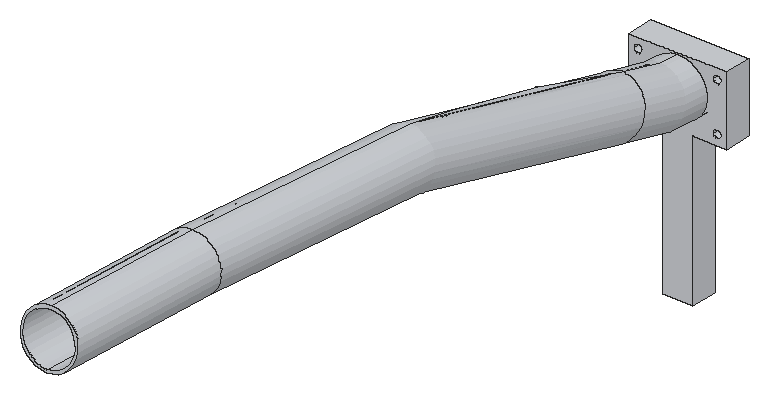
Revit family "Lighting-StreetLighting-GEWISS-STREET[O3]-LONG_BRACKET", category Apparecchi per illuminazione, Revit 2019
Family settings
  Quota connettore circolare = Usa diametro
  Tipo di parte = Normale
  Numero OmniClass = 23.80.00.00
  Titolo OmniClass = Electric Power and Lighting
  Basato su piano di lavoro = Sì
  Sempre verticale = Sì
  Taglio con vuoti quando caricato = No
  Sorgente d'illuminazione = No
  Condiviso = No
  Punto di calcolo locali = No
Parameters (values of type "GW87586 - Galvanised steel - Grey - 1m")
  Weight (kg): = "6"
  Weight (kg) = "6"
  Version file RFA = "20.11"
  URL = "https://www.gewiss.com/ww/en"
  Tubolare = none
  Technical sheet = "https://www.gewiss.com/ww/en/search?q=GW87586"
  Supporti = none
  SIMBOLO [instance] = yes
  SEO = "Bracket"
  Realized by GEWISS S.p.A. = ""
  Default Elevation = 1219.2 mm
  Produttore = "GEWISS S.p.A."
  Modello = "GW87586"
  Material = "Galvanised steel"
  Length = "1 m"
  L_staffa = 120 mm
  Immagine tipo = GW87586.jpg
  IFC.TypeObject = ""
  IFC.ExportType = ""
  IFC.ExportAs = ""
  IDT = "ddb96704-8151-42be-b6b2-ac9eadc1617f"
  IDF = "f1bd819d-5b9c-4ae6-8cf8-8a42536119bb"
  Electrocod = "240"
  EAN code = "8011564783058"
  Descrizione = "STREET LONG BRACKET 1m GRAPHITE GREY"
  Description: = "Long bracket"
  Colour = "Graphite grey"
  Catalogue Range = "STREET [O3]"
  Catalogue = "LIGHTING"
  COBie.Tagnumber = ""
  COBie.CreatedOn = ""
  COBie.CreatebBy = ""
  COBie.ComponentRegisterItemID = ""
  COBie.Component.TagNumber = ""
  COBie.Component.Space = ""
  COBie.Component.SerialNumber = ""
  COBie.Component.InstallationDate = ""
  COBie.Component.Description = ""
  COBie.Component.BarCode = ""
  BIDIMENSIONALE [instance] = not(SIMBOLO)  # no
  Altezza da terra testa staffa = 821.938 mm
Reference planes
  plane 1 "Centro (Fronte/Retro)": y = 0
  plane 2: z = 0
  plane 3 "Centro (Sinistra/Destra)": x = 0
  plane 4: x = -60
  plane 5: x = 60
  plane 6: y = 33
  plane 7: x = -5
  plane 8: x = 5
  plane 9: x = -18.616
  plane 10: x = 18.616
  plane 11: z = 259.222
  plane 12: z = 199.222
Forms (mm)
  Extrusion 1, solid, material <- "Supporti"
    sketch origin (0, 0, -550.016) x (1, 0, 0) y (0, 0, -1)
      loop
        line (-60, -821.938) -> (60, -821.938) -> (60, -736.538) -> (-60, -736.538) -> (-60, -821.938)
      loop
        circle (-48.625, -809.238) r 4.92
      loop
        circle (48.625, -809.238) r 4.92
      loop
        circle (-48.625, -749.238) r 4.92
      loop
        circle (48.625, -749.238) r 4.92
    from 0 to -33
  Sweep 2, solid, material <- "Tubolare"
    path origin (0, 0, -550.016) x (0, -1, 0) y (0, 0, 1)
      loop
        arc (998.259, 930.303) -> (888.382, 922.193) -> (778.259, 918.773) r 2584.737
        arc (778.259, 918.773) -> (449.437, 888.351) -> (130.083, 804.314) r 2003
        arc (130.083, 804.314) -> (65.992, 787.519) -> (0, 781.616) r 397
    profile origin (0, -449.437, 338.335) x (0, 0.173895, 0.984764) y (1, 0, 0)
      loop
        circle (0, 0) r 35.5
      loop
        circle (0, 0) r 32
  Extrusion 3, solid, material <- "Supporti"
    sketch origin (0, 0, -550.016) x (0, -1, 0) y (0, 0, -1)
      loop
        line (33, -821.938) -> (33, -549.619) -> (0, -549.619) -> (0, -821.938) -> (33, -821.938)
    from -18.616 to 18.616
Cuts and joins
  joined: Extrusion 1, Extrusion 3
Lines and regions (mm)
  Masking region 1, visible <- "BIDIMENSIONALE"
    outline origin (0, -33, 0) x (1, 0, 0) y (0, 1, 0)
      loop
        line (60, 0) -> (60, 33) -> (-60, 33) -> (-60, 0) -> (60, 0)
  Masking region 2, visible <- "BIDIMENSIONALE"
    outline origin (-0.5, 0, 0) x (-1, 0, 0) y (0, -1, 0)
      loop
        spline (35.5, 996.213) -> (35.196, 996.92) -> (34.29, 997.614) -> (32.798, 998.285) -> (30.744, 998.92) -> (28.164, 999.508) -> (25.102, 1000.041) -> (21.611, 1000.507) -> (17.75, 1000.901) -> (13.585, 1001.214) -> (9.188, 1001.442) -> (4.634, 1001.58) -> (0, 1001.626)
        spline (0, 1001.626) -> (-4.634, 1001.58) -> (-9.188, 1001.442) -> (-13.585, 1001.214) -> (-17.75, 1000.901) -> (-21.611, 1000.507) -> (-25.102, 1000.041) -> (-28.164, 999.508) -> (-30.744, 998.92) -> (-32.798, 998.285) -> (-34.29, 997.614) -> (-35.196, 996.92) -> (-35.5, 996.213)
        line (-35.5, 996.213) -> (-35.5, 33) -> (35.5, 33) -> (35.5, 996.213)
  Masking region 3
    outline origin (0, 0, -519.619) x (1, 0, 0) y (0, 0, 1)
      loop
        line (-60, 791.938) -> (-60, 706.538) -> (60, 706.538) -> (60, 791.938) -> (-60, 791.938)
      loop
        circle (-48.625, 779.238) r 4.92
      loop
        circle (48.625, 779.238) r 4.92
      loop
        circle (48.625, 719.238) r 4.92
      loop
        circle (-48.625, 719.238) r 4.92
  Masking region 4
    outline origin (0, 0, -519.619) x (1, 0, 0) y (0, 0, 1)
      loop
        line (-18.616, 519.619) -> (18.616, 519.619) -> (18.616, 706.538) -> (-18.616, 706.538) -> (-18.616, 519.619)
      loop
        line (-35.5, 900.558) -> (-35.5, 751.616)
        spline (-35.5, 751.616) -> (-35.196, 746.982) -> (-34.29, 742.428) -> (-32.798, 738.031) -> (-30.744, 733.866) -> (-28.164, 730.005) -> (-25.102, 726.514) -> (-21.611, 723.453) -> (-17.75, 720.873) -> (-13.585, 718.819) -> (-9.188, 717.326) -> (-4.634, 716.42) -> (0, 716.117)
        spline (0, 716.117) -> (4.634, 716.42) -> (9.188, 717.326) -> (13.585, 718.819) -> (17.75, 720.873) -> (21.611, 723.453) -> (25.102, 726.514) -> (28.164, 730.005) -> (30.744, 733.866) -> (32.798, 738.031) -> (34.29, 742.428) -> (35.196, 746.982) -> (35.5, 751.616)
        line (35.5, 751.616) -> (35.5, 900.558)
        spline (35.5, 900.558) -> (35.196, 905.137) -> (34.29, 909.639) -> (32.798, 913.984) -> (30.744, 918.1) -> (28.164, 921.916) -> (25.102, 925.367) -> (21.611, 928.393) -> (17.75, 930.942) -> (13.585, 932.972) -> (9.188, 934.447) -> (4.634, 935.343) -> (0, 935.643)
        spline (0, 935.643) -> (-4.634, 935.343) -> (-9.188, 934.447) -> (-13.585, 932.972) -> (-17.75, 930.942) -> (-21.611, 928.393) -> (-25.102, 925.367) -> (-28.164, 921.916) -> (-30.744, 918.1) -> (-32.798, 913.984) -> (-34.29, 909.639) -> (-35.196, 905.137) -> (-35.5, 900.558)
  Masking region 5
    outline origin (0, 0, -550.016) x (0, -1, 0) y (0, 0, -1)
      loop
        line (0, -821.938) -> (33, -821.938) -> (33, -817.163)
        arc (33, -817.163) -> (137.999, -844.76) -> (241.886, -876.284) r 2886.698
        arc (241.886, -876.284) -> (462.072, -926.375) -> (686.277, -953.276) r 2166.689
        arc (686.277, -953.276) -> (840.733, -955.766) -> (994.892, -965.659) r 3220.652
        line (994.892, -965.659) -> (1001.626, -894.979)
        arc (1001.626, -894.979) -> (843.825, -884.834) -> (685.718, -882.28) r 3291.651
        arc (685.718, -882.28) -> (591.557, -872.834) -> (497.75, -860.362) r 2938.525
        arc (497.75, -860.362) -> (353.712, -832.991) -> (212.282, -794.341) r 1856.629
        line (212.282, -794.341) -> (213.979, -790.415)
        arc (213.979, -790.415) -> (92.225, -693.998) -> (35, -549.619) r 300
        line (35, -549.619) -> (28, -549.619) -> (28, -736.538) -> (0, -736.538) -> (0, -821.938)
Dimensions and locks
  equal spacing: plane 4, plane 3 "Centro (Sinistra/Destra)", plane 5
  "L_staffa": plane 4 to plane 5
  plane 1 "Centro (Fronte/Retro)" to plane 6 = 33 mm
  equal spacing: plane 8, plane 3 "Centro (Sinistra/Destra)", plane 7
  equal spacing: plane 10, plane 3 "Centro (Sinistra/Destra)", plane 9
  Extrusion 1 sketch curve to Extrusion 1 sketch curve = 60 mm
  locked: Extrusion 1 sketch curve to Extrusion 1 sketch curve at 11.375
  aligned and locked: level to plane 2
  aligned and locked: Extrusion 1 sketch curve to plane 11
  aligned and locked: Extrusion 1 sketch curve to plane 12
  aligned and locked: plane 12 to Extrusion 1 sketch curve
  aligned and locked: Extrusion 1 to Extrusion 3
Automatic sketch dimensions
  plane 1 "Centro (Fronte/Retro)" to Masking region 1 sketch curve = 33 mm
  plane 4 to Masking region 1 sketch curve = 0 mm
  plane 5 to Masking region 1 sketch curve = 0 mm
  Masking region 1 sketch curve to plane 6 = 33 mm
  Masking region 3 sketch curve to Masking region 3 sketch curve = 0 mm  (x8)
  plane 4 to Masking region 3 sketch curve = 0 mm
  plane 5 to Masking region 3 sketch curve = 0 mm
  Masking region 3 sketch curve to plane 4 = 11.375 mm  (x2)
  plane 5 to Masking region 3 sketch curve = 11.375 mm  (x2)
  level to Masking region 3 sketch curve = 186.919 mm
  Masking region 3 sketch curve to Masking region 3 sketch curve = 12.7 mm  (x3)
  Masking region 3 sketch curve to Masking region 3 sketch curve = 60 mm  (x2)
  Masking region 3 sketch curve to Masking region 3 sketch curve = 4.92 mm  (x4)
  Masking region 4 sketch curve to plane 9 = 0 mm
  Masking region 4 sketch curve to plane 3 "Centro (Sinistra/Destra)" = 0 mm  (x2)
  Masking region 4 sketch curve to plane 10 = 0 mm
  Masking region 4 sketch curve to plane 9 = 16.884 mm
  Masking region 4 sketch curve to Masking region 4 sketch curve = 0 mm  (x3)
  level to Masking region 4 sketch curve = 0 mm
  Masking region 4 sketch curve to Masking region 4 sketch curve = 186.919 mm
  Masking region 4 sketch curve to Masking region 4 sketch curve = 45.078 mm
  Masking region 4 sketch curve to Masking region 4 sketch curve = 148.942 mm
  Masking region 4 sketch curve to Masking region 4 sketch curve = 9.579 mm
  Masking region 4 sketch curve to Masking region 4 sketch curve = 35.085 mm
  Extrusion 1 sketch curve to plane 4 = 0 mm
  Extrusion 1 sketch curve to plane 5 = 0 mm
  Extrusion 1 sketch curve to plane 4 = 11.375 mm  (x2)
  plane 5 to Extrusion 1 sketch curve = 11.375 mm
  plane 11 to Extrusion 1 sketch curve = 12.7 mm
  plane 12 to Extrusion 1 sketch curve = 12.7 mm
  Sweep 2 sketch curve to plane 1 "Centro (Fronte/Retro)" = 0 mm
  plane 1 "Centro (Fronte/Retro)" to Sweep 2 sketch curve = 2.25 mm
  Sweep 2 sketch curve to plane 1 "Centro (Fronte/Retro)" = 753.107 mm
  Sweep 2 sketch curve to plane 1 "Centro (Fronte/Retro)" = 797.75 mm
  level to Sweep 2 sketch curve = 1634.148 mm
  Sweep 2 sketch curve to level = 628.594 mm
  Sweep 2 sketch curve to Sweep 2 sketch curve = 2324.778 mm
  Sweep 2 sketch curve to plane 1 "Centro (Fronte/Retro)" = 130.083 mm
  Sweep 2 sketch curve to Sweep 2 sketch curve = 0 mm  (x4)
  Sweep 2 sketch curve to level = 368.757 mm
  Sweep 2 sketch curve to Sweep 2 sketch curve = 220 mm
  Sweep 2 sketch curve to Sweep 2 sketch curve = 22.698 mm
  Sweep 2 sketch curve to plane 3 "Centro (Sinistra/Destra)" = 0 mm
  Sweep 2 sketch curve to profile plane = 0 mm
  level to Extrusion 3 sketch curve = 0.397 mm
  Extrusion 3 sketch curve to plane 1 "Centro (Fronte/Retro)" = 0 mm
  Extrusion 3 sketch curve to Extrusion 3 sketch curve = 33 mm
  Extrusion 3 sketch curve to level = 271.922 mm
  Masking region 5 sketch curve to Masking region 5 sketch curve = 0 mm  (x3)
  Masking region 5 sketch curve to plane 1 "Centro (Fronte/Retro)" = 0 mm
  plane 6 to Masking region 5 sketch curve = 615.144 mm
  Masking region 5 sketch curve to level = 0.397 mm
  plane 1 "Centro (Fronte/Retro)" to Masking region 5 sketch curve = 28 mm
  Masking region 5 sketch curve to Masking region 5 sketch curve = 33 mm
  Masking region 5 sketch curve to Masking region 5 sketch curve = 7 mm
  Masking region 5 sketch curve to Masking region 5 sketch curve = 179.282 mm
  Masking region 5 sketch curve to Masking region 5 sketch curve = 1.697 mm
  Masking region 5 sketch curve to level = 34.98 mm
  Masking region 5 sketch curve to Masking region 5 sketch curve = 298 mm
  plane 1 "Centro (Fronte/Retro)" to Masking region 5 sketch curve = 711.614 mm
  plane 1 "Centro (Fronte/Retro)" to Masking region 5 sketch curve = 772.058 mm
  Masking region 5 sketch curve to Masking region 5 sketch curve = 59.889 mm
  Masking region 5 sketch curve to Masking region 5 sketch curve = 99.956 mm
  level to Masking region 5 sketch curve = 415.643 mm
  Masking region 5 sketch curve to Masking region 5 sketch curve = 780.913 mm
  level to Masking region 5 sketch curve = 344.963 mm
  Masking region 5 sketch curve to Masking region 5 sketch curve = 6.734 mm
  Masking region 5 sketch curve to Masking region 5 sketch curve = 2831.934 mm
  Masking region 5 sketch curve to Masking region 5 sketch curve = 551.48 mm
  Masking region 5 sketch curve to Masking region 5 sketch curve = 31.523 mm
  Masking region 5 sketch curve to Masking region 5 sketch curve = 4.775 mm
  Masking region 5 sketch curve to Masking region 5 sketch curve = 3.926 mm
  Masking region 5 sketch curve to Masking region 5 sketch curve = 85.4 mm
  Masking region 5 sketch curve to level = 1525.907 mm
  Masking region 5 sketch curve to Masking region 5 sketch curve = 232.619 mm
  Masking region 5 sketch curve to Masking region 5 sketch curve = 837.404 mm
  Masking region 5 sketch curve to Masking region 5 sketch curve = 29.604 mm
  Masking region 2 sketch curve to plane 3 "Centro (Sinistra/Destra)" = 0.5 mm
  Masking region 2 sketch curve to plane 6 = 1034.626 mm
  plane 10 to Masking region 2 sketch curve = 16.384 mm
  Masking region 2 sketch curve to plane 9 = 17.384 mm
  Masking region 2 sketch curve to plane 6 = 1029.213 mm
  Masking region 2 sketch curve to Masking region 2 sketch curve = 0 mm
  Masking region 2 sketch curve to Masking region 2 sketch curve = 963.213 mm
  radius of Extrusion 1 sketch curve = 4.92 mm  (x4)
  radius of Sweep 2 sketch curve = 35.5 mm
  radius of Sweep 2 sketch curve = 32 mm
Nested families
  nested 1: "ACCPALO" at (0, 33, 0), visible <- "SIMBOLO", type "ACCPALO"
Definition of nested family "ACCPALO"
  Reference planes
    plane 1 "Centro (Fronte/Retro)": y = 0
    plane 2: z = 0
    plane 3 "Centro (Sinistra/Destra)": x = 0
  Lines and regions (mm)
    detail lines, in view "Livello rif."
      curve 1: spline (-17.247, 26.335, 0) -> (-16.659, 25.345, 0) -> (-14.936, 24.424, 0) -> (-12.195, 23.632, 0) -> (-8.623, 23.025, 0) -> (-4.464, 22.643, 0) -> (0, 22.513, 0) -> (4.464, 22.643, 0) -> (8.623, 23.025, 0) -> (12.195, 23.632, 0) -> (14.936, 24.424, 0) -> (16.659, 25.345, 0) -> (17.247, 26.335, 0) -> (16.659, 27.324, 0) -> (14.936, 28.245, 0) -> (12.195, 29.037, 0) -> (8.623, 29.644, 0) -> (4.464, 30.026, 0) -> (0, 30.156, 0) -> (-4.464, 30.026, 0) -> (-8.623, 29.644, 0) -> (-12.195, 29.037, 0) -> (-14.936, 28.245, 0) -> (-16.659, 27.324, 0) -> (-17.247, 26.335, 0)
      curve 2: spline (-17.266, -26.469, 0) -> (-14.61, -27.838, 0) -> (-11.877, -28.965, 0) -> (-9.078, -29.846, 0) -> (-6.224, -30.478, 0) -> (-3.325, -30.859, 0) -> (-0.393, -30.986, 0) -> (2.562, -30.86, 0) -> (5.527, -30.481, 0) -> (8.491, -29.85, 0) -> (11.443, -28.969, 0) -> (14.372, -27.843, 0) -> (17.266, -26.475, 0)
      curve 3: line (-85.401, -52.093, 0) -> (85.401, -52.093, 0)
      curve 4: line (85.401, -52.093, 0) -> (85.401, 52.093, 0)
      curve 5: line (85.401, 52.093, 0) -> (-85.401, 52.093, 0)
      curve 6: line (-85.401, 52.093, 0) -> (-85.401, -52.093, 0)
      curve 7: line (-17.266, -26.469, 0) -> (-17.266, 26.335, 0)
      curve 8: line (17.266, -26.475, 0) -> (17.266, 26.335, 0)
